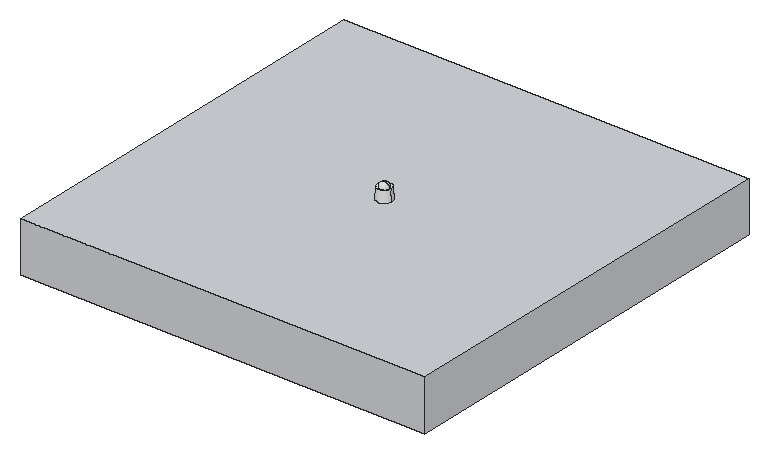
Revit family "Legrand_Lighting_Management_Standalone_Motion_Sensor_360D_Waterproof_Grey_Ceiling", category Dispositifs d'éclairage, Revit 2020
Family settings
  Hôte = Face
  Conserver l'orientation des annotations = Non
  Cote de connecteur circulaire = Utiliser le diamètre
  Type d'élément = Normal
  Couper avec des vides une fois chargée = Non
  Partagée = Non
  Point de calcul de pièce = Non
Parameters
  Ø Area in plan [instance] = 6000 mm
  Voltage type = "AC"
  URL = "http://www.legrandoc.com/069740"
  Temperature (MIN) (°C) = 0
  Temperature (MAX) (°C) = 55
  Suitable for wireless transmission = "no"
  Substation input = "no"
  Response value sensitivity adjustable = "yes"
  Response value luminosity adjustable = "yes"
  Response value luminosity (MIN) (lx) = 10
  Response value luminosity (MAX) (lx) = 4000
  Remote operation = "no"
  RAL-number (akin) = "7035"
  Product ID = "069740"
  Nominal voltage (V) = "230"
  Mounting method = "Surface mounted (plaster)"
  Model = "Movement sensor"
  Min. switch-on time (s) = "12"
  Maximum mounting height (m) = "4"
  Max. switching power (W) = 1000
  Max. starting current (A) = "8.5"
  Max. duty cycle (mn) = "16"
  Label [instance] = no
  Indication distance [instance] = Ø Area in plan / 1000  # 6 mm
  Image du type = PH3.jpg
  HVAC-control = "no"
  General Conditions of Use = "https://export.legrand.com/en/terms-of-use-BIM-objects"
  Frequency (MIN) (Hz) = 50
  Frequency (MAX) (Hz) = 60
  Forced switch off = "no"
  Fabricant = "LEGRAND"
  Default Elevation = 0 mm
  ETIM-5.0 Class = "EC000133"
  Dim function with dimmer basic element = "no"
  Detection zone [instance] = no
  Detection angle horizontal (MIN) (°) = 0
  Detection angle horizontal (MAX) (°) = 360
  Description = "PIR WATERPROOF MOTION SENSOR 360 DEGREES GREY PLEXO"
  Degree of protection (IP) = "IP55"
  Constant light control = "yes"
  Colour = "Grey"
  Code d'assemblage = "D5010200"
  Alarm function = "no"
Reference planes
  plane 1 "Centre (avant/arrière)": y = 0
  plane 2: z = 0
  plane 3 "Centre (gauche/droite)": x = 0
Forms (mm)
  Extrusion 1, solid
    sketch origin (0, 0, 0) x (1, 0, 0) y (0, 1, 0)
      loop
        line (-1219.2, 1219.2) -> (-1219.2, -1219.2) -> (1219.2, -1219.2) -> (1219.2, 1219.2) -> (-1219.2, 1219.2)
    from 0 to -304.8
Dimensions and locks
  aligned and locked: plane 2 to Extrusion 1
  aligned and locked: level to Extrusion 1
  aligned and locked: nested 1 to plane 3 "Centre (gauche/droite)"
  aligned and locked: nested 1 to plane 1 "Centre (avant/arrière)"
  aligned and locked: nested 2 to plane 2
  aligned and locked: plane 3 "Centre (gauche/droite)" to nested 2
  aligned and locked: plane 1 "Centre (avant/arrière)" to nested 2
Nested families
  nested 1: "Zone Plafond" at (0, 0, 0), visible <- "Detection zone", Ø zone en plan <- "Ø Area in plan", type "Zone Plafond"
    with Ø zone en plan 6000 mm, Ø Interieur 4000 mm
  nested 2: "048898" at (0, 0, 0), type "048898"
  nested 3: "Symbole B" at (0, 0, 0), type "Symbole B"
  nested 4: "Detection 360° 8x6m EN" at (0, 160.52, 0), visible <- "Label", Indication distance <- "Indication distance", type "Detection 360° 8x6m EN"
    with Indication distance 6 mm
Connectors
  electrical at (0, 0, 0)
    settings: on nested 2, index 1, voltage 230 V, apparent load 0 VA, apparent load phase1 0 VA, apparent load phase2 0 VA, apparent load phase3 0 VA, power factor 1, load classification "Autre", number of poles 1, system type 31, power factor state 1, is connector primary yes, connector utility no, sub classification motor no, connector description ""
Definition of nested family "048898"
  Parameters (values of type "048898")
    Default Elevation = 0 mm
  Reference planes
    plane 1 "Centre (avant/arrière)": y = 0
    plane 2: z = 0
    plane 3 "Centre (gauche/droite)": x = 0
  Forms (mm)
    Revolve 1, solid
      sketch origin (0, 0, 0) x (-1, 0, 0) y (0, 0, -1)
        loop
          line (0, 0) -> (0, -65.2) -> (41, -65.2)
          arc (41, -65.2) -> (43.378, -32.633) -> (44.526, 0) r 865.317
          line (44.526, 0) -> (0, 0)
        axis (0, 0) -> (0, -65.2)
      angle from 0 to 360
    Revolve 2, solid
      sketch origin (0, 0, 0) x (-1, 0, 0) y (0, 0, -1)
        loop
          arc (0, -91.691) -> (18.988, -83.722) -> (27.988, -65.2) r 29.184
          line (27.988, -65.2) -> (0, -65.2) -> (0, -91.691)
        axis (0, -65.2) -> (0, -91.691)
      angle from 0 to 360
  Dimensions and locks
    aligned and locked: level to plane 2
Definition of nested family "Zone Plafond"
  Parameters (values of type "Zone Plafond")
    Ø zone en plan [instance] = 4000 mm
    Ø Interieur [instance] = Ø zone en plan / 1.5  # 2666.667 mm
  Reference planes
    plane 1 "Centre (avant/arrière)": y = 0
    plane 2: z = 0
    plane 3 "Centre (gauche/droite)": x = 0
  Lines and regions (mm)
    detail lines, in view "Niveau de réf."
      curve 1: circle (0, 0, 0) r 2000 normal (0, 0, 1)
  Dimensions and locks
    "Ø zone en plan": diameter of curve 1
    aligned and locked: plane 3 "Centre (gauche/droite)" to curve 1
    aligned and locked: plane 1 "Centre (avant/arrière)" to curve 1
Definition of nested family "Symbole B"
  Reference planes
    plane 1: y = 0
    plane 2: x = 0
  Lines and regions (mm)
    detail lines
      curve 1: circle (0, 0, 0) r 0.928 normal (0, 0, 1)
      curve 2: circle (0, 0, 0) r 0.586 normal (0, 0, 1)
      curve 3: spline (-1.335, -1.994, 0) -> (-1.233, -1.818, 0) -> (-1.159, -1.651, 0) -> (-1.116, -1.498, 0) -> (-1.105, -1.365, 0) -> (-1.126, -1.255, 0) -> (-1.179, -1.172, 0) -> (-1.261, -1.119, 0) -> (-1.371, -1.098, 0) -> (-1.505, -1.11, 0) -> (-1.657, -1.153, 0) -> (-1.825, -1.227, 0) -> (-2.001, -1.329, 0)
      curve 4: spline (-1.074, -1.746, 0) -> (-0.972, -1.57, 0) -> (-0.898, -1.403, 0) -> (-0.855, -1.25, 0) -> (-0.844, -1.116, 0) -> (-0.865, -1.006, 0) -> (-0.917, -0.924, 0) -> (-1, -0.871, 0) -> (-1.11, -0.85, 0) -> (-1.244, -0.861, 0) -> (-1.396, -0.905, 0) -> (-1.564, -0.978, 0) -> (-1.74, -1.08, 0)
      curve 5: spline (1.335, -1.994, 0) -> (1.233, -1.818, 0) -> (1.159, -1.651, 0) -> (1.116, -1.498, 0) -> (1.105, -1.365, 0) -> (1.126, -1.255, 0) -> (1.179, -1.172, 0) -> (1.261, -1.119, 0) -> (1.371, -1.098, 0) -> (1.505, -1.11, 0) -> (1.657, -1.153, 0) -> (1.825, -1.227, 0) -> (2.001, -1.329, 0)
      curve 6: spline (1.074, -1.746, 0) -> (0.972, -1.57, 0) -> (0.898, -1.403, 0) -> (0.855, -1.25, 0) -> (0.844, -1.116, 0) -> (0.865, -1.006, 0) -> (0.917, -0.924, 0) -> (1, -0.871, 0) -> (1.11, -0.85, 0) -> (1.244, -0.861, 0) -> (1.396, -0.905, 0) -> (1.564, -0.978, 0) -> (1.74, -1.08, 0)
  Text (mm)
    text "IR" at (-0.268, -1.959, 0)
Definition of nested family "Detection 360° 8x6m EN"
  Parameters (values of type "Detection 360° 8x6m EN")
    Indication distance [instance] = 0 mm
  Reference planes
    plane 1: y = 0
    plane 2: x = 0
  Text (mm)
    label "360°, 8xIndication distancem detection at 2.5m height" at (-0.885, 0.234, 0), shows "Indication distance"
